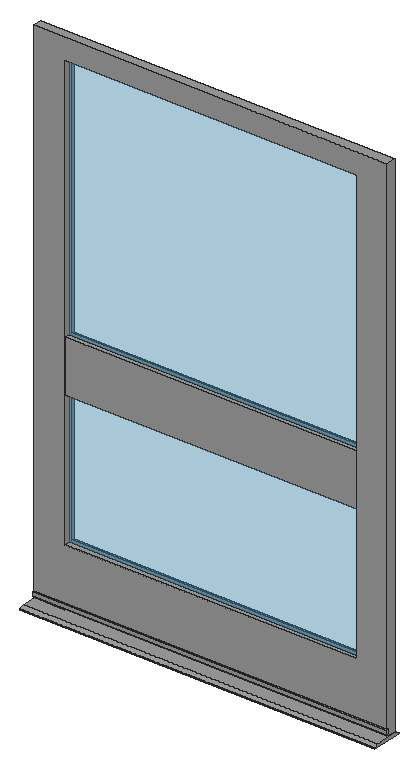
Revit family "AD P-E-DG-GHINGE-SNGL ENT-SF_Arc", category Curtain Panels, Revit 2019
Family settings
  OmniClass Number = 23.25.20.14.11.11.17
  OmniClass Title = Infill Panels
  Always vertical = Yes
  Cut with Voids When Loaded = No
  Shared = No
Parameters
  Width [instance] = 5' - 6"
  Wide Stile Entrance [instance] = not(Medium Stile Entrance)  # yes
  URL = "obe.com"
  Pushbar Height [instance] = 3' - 5 1/4"  # constant formula
  Offset [instance] = 0' - 0"
  Model = "AD P-E-DG"
  Medium Stile Entrance [instance] = no
  Manufacturer = "Oldcastle BuildingEnvelope®"
  Keynote = "08 11 00"
  Height [instance] = 8' - 0"
  Glass at Muntins [instance] = if([4 Mid Rail], 0' 4 29/64", if([6.5 Mid Rail], 0' 6 61/64", if([8 Mid Rail], 0' 8 29/64", if([10 Mid Rail], 0' 10 29/64", 0' 4 29/64"))))  # 0' - 8 29/64"
  Glass Material = Glass
  Frame Material = Aluminum
  Edge of door panel [instance] = if(Medium Stile Entrance, 0' 4 27/32", if(Wide Stile Entrance, 0' 6 3/32", 0' 4 27/32"))  # 0' - 6 3/32"
  Door Panel Height [instance] = Height + 0' 0 17/32"  # 8' - 0 17/32"
  Description = "ArmorDefend Plus Medium/Wide Stile Entrance  - 7/16\" Infill"
  Assembly Code = "B2030"
  Analytic Construction = "<None>"
  8 Mid Rail [instance] = yes
  4 Mid Rail [instance] = if(or([6.5 Mid Rail], 1 < 0, [8 Mid Rail], 1 < 0, [10 Mid Rail], 1 < 0), 0 > 1, 1 > 0)  # no
  6.5 Mid Rail [instance] = no
  10 Mid Rail [instance] = no
Reference planes (in)
  plane 1 "Front": y = 0
  plane 2: z = 0
  plane 3 "Center (Left/Right)": x = 0
  plane 4 "Left": x = -33
  plane 5 "Right": x = 33
  plane 6 "Top": z = 96
Text (in)
  text "Exterior" at (-54.29358, 31.38743, 0), in view "Ref. Level"
  text "Exterior" at (480, 41.53993, 89.60405), in view "Right"
  text "Exterior" at (-240, 57.82419, 105.78864), in view "Left"
Dimensions and locks (in)
  equal spacing: plane 4 "Left", plane 3 "Center (Left/Right)", plane 5 "Right"
  "Width": plane 4 "Left" to plane 5 "Right"
  "Height": plane 6 "Top" to plane 2
  aligned and locked: level to plane 2
  aligned and locked: plane 3 "Center (Left/Right)" to nested 1
  aligned and locked: plane 1 "Front" to nested 1
Nested families (in)
  nested 1: "AD P-E-DG-GHINGE-Single Door-Panel" at (0, -14, 0), Width <- "Width", Height <- "Door Panel Height", Medium Stile Entrance <- "Medium Stile Entrance", Glass Material <- "Glass Material", Frame Material <- "Frame Material", 6.5 Mid Rail <- "6.5 Mid Rail", 8 Mid Rail <- "8 Mid Rail", 10 Mid Rail <- "10 Mid Rail", Offset <- "Offset", type "AD P-E-DG-GHINGE-Single Door-Panel"
    with built-in parameter 1001301 5' - 6", Wide Stile Entrance yes, Pushbar Height 3' - 5 1/4", Offset 0' - 0", Medium Stile Entrance no, built-in parameter 1001300 8' - 0 17/32", Glass at Muntins 0' - 8 29/64", Glass Material Glass, Frame Material Aluminum, Edge of door panel 0' - 6 3/32", 8 Mid Rail yes, 6.5 Mid Rail no, 4 Mid Rail no, 10 Mid Rail no
Definition of nested family "AD P-E-DG-GHINGE-Single Door-Panel"
  Parameters (values of type "AD P-E-DG-GHINGE-Single Door-Panel")
    Width [instance] = 3' - 0"
    Wide Stile Entrance [instance] = not(Medium Stile Entrance)  # no
    URL = "obe.com"
    Offset [instance] = 0' - 1"
    Model = "AD E-DG"
    Medium Stile Entrance [instance] = yes
    Manufacturer = "Oldcastle BuildingEnvelope®"
    Keynote = "08 11 00"
    Height [instance] = 6' - 0"
    Glass at Muntins [instance] = if([4 Mid Rail], 0' 4 29/64", if([6.5 Mid Rail], 0' 6 61/64", if([8 Mid Rail], 0' 8 29/64", if([10 Mid Rail], 0' 10 29/64", 0' 4 29/64"))))  # 0' - 6 61/64"
    Glass Material [instance] = none
    Frame Material [instance] = none
    Edge of door panel [instance] = if(Medium Stile Entrance, 0' 4 27/32", if(Wide Stile Entrance, 0' 6 3/32", 0' 4 27/32"))  # 0' - 4 27/32"
    Description = "ArmorDefend Entrance - Dry Glazed - 7/16\" Door Infill"
    Pushbar Height [instance] = 3' - 5 1/4"  # constant formula
    Assembly Code = "B2030"
    Analytic Construction = "<None>"
    8 Mid Rail [instance] = no
    4 Mid Rail [instance] = if(or([6.5 Mid Rail], 1 < 0, [8 Mid Rail], 1 < 0, [10 Mid Rail], 1 < 0), 0 > 1, 1 > 0)  # no
    6.5 Mid Rail [instance] = yes
    10 Mid Rail [instance] = no
  Reference planes (in)
    plane 1 "00": y = 12.2655
    plane 2: z = 0
    plane 3 "Center (Left/Right)": x = 0
    plane 4: z = 72
    plane 5: x = 18
    plane 6: x = -18
    plane 7 "Center (Front/Back)": y = 14
    plane 8 "Exterior": y = 12.7655
    plane 9: z = 36
    plane 10: z = 68.125
    plane 11: z = 10.92187
    plane 12 "Offset": y = 13
    plane 13 "Pushbar Height": z = 41.25
    plane 14: z = 44.72656
    plane 15: z = 37.77344
    plane 16 "Edge of door panel Right": x = -13.15625
    plane 17 "Edge of door panel Left": x = 13.15625
  Forms (in)
    Sweep 1, solid, material <- "Frame Material"
      path origin (0, 12.2655, 0) x (1, 0, 0) y (0, 0, 1)
        loop
          line (-17.90532, 72) -> (17.90625, 72)
      profile origin (0.00046, 12.2655, 72) x (0, 0, 1) y (0, -1, 0)
        loop
          line (-0.625, -0.672) -> (-0.625, 1.078) -> (-2.62093, 1.078) -> (-4.46825, 1.078) -> (-4.46825, 0.21484) -> (-3.875, 0.21484) -> (-3.875, -0.21484) -> (-4.65625, -0.21484) -> (-4.65625, -0.672) -> (-2.62093, -0.672) -> (-0.625, -0.672)
    Sweep 2, solid, material <- "Frame Material"
      path origin (0, 12.2655, 0) x (1, 0, 0) y (0, 0, 1)
        loop
          line (17.90625, 0) -> (-17.90532, 0)
      profile origin (0.00046, 12.2655, 0) x (0, 0, -1) y (0, -1, 0)
        loop
          line (-11.68749, -0.21484) -> (-11.68749, -0.672) -> (-0.6875, -0.672) -> (-0.6875, 1.058) -> (-1.0005, 1.058) -> (-1.0005, 1.36) -> (-1.63814, 1.36) -> (-1.80095, 1.078) -> (-11.49949, 1.078) -> (-11.49949, 0.21484) -> (-10.92187, 0.21484) -> (-10.92187, -0.21484) -> (-11.68749, -0.21484)
    Sweep 3, solid, material <- "Frame Material"
      path origin (0, 12.2655, 0) x (1, 0, 0) y (0, 0, 1)
        loop
          line (18, 71.375) -> (18, 0.6875)
      profile origin (18, 12.2655, 36.03125) x (0, -1, 0) y (1, 0, 0)
        loop
          line (-0.672, -0.09375) -> (-0.672, -2.21468) -> (-0.672, -4.84375) -> (-0.21484, -4.84375) -> (-0.21484, -4.0625) -> (0.21484, -4.0625) -> (0.21484, -4.65574) -> (1.078, -4.65574) -> (1.078, -2.21468) -> (1.078, -0.20275) -> (-0.672, -0.09375)
    Sweep 4, solid, material <- "Frame Material"
      path origin (0, 12.2655, 0) x (1, 0, 0) y (0, 0, 1)
        loop
          line (-18, 71.375) -> (-18, 0.6875)
      profile origin (-18, 12.2655, 36.03125) x (0, -1, 0) y (1, 0, 0)
        loop
          line (-0.672, 0.09468) -> (1.078, 0.20368) -> (1.078, 2.31376) -> (1.078, 4.65675) -> (0.21484, 4.65675) -> (0.21484, 4.06323) -> (-0.21484, 4.06323) -> (-0.21484, 4.84375) -> (-0.672, 4.84375) -> (-0.672, 2.31376) -> (-0.672, 0.09468)
    Extrusion 5, solid, material <- "Glass Material", detail levels medium+fine
      sketch origin (0, 0, 0) x (1, 0, 0) y (0, 1, 0)
        loop
          line (13.9375, 12.35534) -> (13.9375, 12.48034) -> (-13.93677, 12.48034) -> (-13.93677, 12.35534) -> (13.9375, 12.35534)
        loop
          line (13.9375, 12.17566) -> (-13.93677, 12.17566) -> (-13.93677, 12.05066) -> (13.9375, 12.05066) -> (13.9375, 12.17566)
      from 44.72656 to 68.125
    Extrusion 6, void
      sketch origin (0, 0, 0) x (1, 0, 0) y (0, 1, 0)
        loop
          line (-18, 11.1875) -> (-17.79632, 11.1875) -> (-17.95283, 13.7002) -> (-18, 13.7002) -> (-18, 11.1875)
      from 0.6875 to 72
    Extrusion 7, void
      sketch origin (0, 0, 0) x (-1, 0, 0) y (0, -1, 0)
        loop
          line (-18, -11.1875) -> (-18, -13.7002) -> (-17.95376, -13.7002) -> (-17.79725, -11.1875) -> (-18, -11.1875)
      from 0.6875 to 72
    Extrusion 8, solid, material <- "Glass Material", detail levels coarse
      sketch origin (0, 0, 0) x (1, 0, 0) y (0, 1, 0)
        loop
          line (-13.93677, 12.48034) -> (-13.93677, 12.05066) -> (13.9375, 12.05066) -> (13.9375, 12.48034) -> (-13.93677, 12.48034)
      from 44.72656 to 68.125
    Extrusion 9, solid, material <- "Glass Material", detail levels coarse
      sketch origin (0, 0, -26) x (1, 0, 0) y (0, 1, 0)
        loop
          line (-13.93677, 12.05066) -> (13.9375, 12.05066) -> (13.9375, 12.48034) -> (-13.93677, 12.48034) -> (-13.93677, 12.05066)
      from 36.92188 to 63.77344
    Extrusion 10, solid, material <- "Glass Material", detail levels medium+fine
      sketch origin (0, 0, -25) x (1, 0, 0) y (0, 1, 0)
        loop
          line (13.9375, 12.05066) -> (13.9375, 12.17566) -> (-13.93677, 12.17566) -> (-13.93677, 12.05066) -> (13.9375, 12.05066)
        loop
          line (13.9375, 12.48034) -> (-13.93677, 12.48034) -> (-13.93677, 12.35534) -> (13.9375, 12.35534) -> (13.9375, 12.48034)
      from 35.92188 to 62.77344
    Sweep 11, solid, material <- "Frame Material"
      path origin (0, 13, 0) x (1, 0, 0) y (0, 0, 1)
        loop
          line (16, 41.25) -> (-16, 41.25)
      profile origin (0, 13, 41.25) x (0, 0, -1) y (0, -1, 0)
        loop
          line (-4.242, 0.0825) -> (4.258, 0.0825) -> (4.258, 0.51966) -> (3.47656, 0.51966) -> (3.47656, 0.94934) -> (4.07, 0.94934) -> (4.07, 1.7925) -> (-4.054, 1.7925) -> (-4.054, 0.94934) -> (-3.47656, 0.94934) -> (-3.47656, 0.51966) -> (-4.242, 0.51966) -> (-4.242, 0.0825)
    Sweep 12, solid, material <- "Frame Material"
      path origin (0, 12.2655, 0) x (1, 0, 0) y (0, 0, 1)
        loop
          line (17.90625, 0) -> (-17.90532, 0)
      profile origin (0.00046, 12.2655, 0) x (0, 0, -1) y (0, -1, 0)
        loop
          line (-0.5, 3.453) -> (-0.5, -0.672) -> (-0.125, -1.422) -> (-0.00001, -1.422) -> (-0.00001, 4.203) -> (-0.125, 4.203) -> (-0.5, 3.453)
  Cuts and joins
    Extrusion 6, Extrusion 7 cuts Sweep 1
    Extrusion 6, Extrusion 7 cuts Sweep 2
    joined: Sweep 1, Sweep 2, Sweep 3, Sweep 4, Sweep 11
  Lines and regions (in)
    model lines
      curve 1: line (17.79725, 12.7655, 71.375) -> (-13.6875, 12.7655, 36)
      curve 2: line (-13.6875, 12.7655, 36) -> (17.79725, 12.7655, 0.5)
  Dimensions and locks (in)
    "Width": plane 6 to plane 5
    "Offset": plane 12 "Offset" to plane 7 "Center (Front/Back)"
    plane 1 "00" to plane 8 "Exterior" to plane 12 "Offset" = 0' - 0 1/2" locked, 0' - 0.2345" locked
    equal spacing: level, plane 9, plane 4
    locked: Sweep 2 sketch curve to plane 6 at 0.09468
    locked: plane 5 to Sweep 2 sketch curve at 0.09375
    locked: Sweep 3 sketch curve to plane 4 at 0.625
    locked: Sweep 4 sketch curve to plane 4 at 0.625
    locked: Sweep 1 sketch curve to plane 6 at 0.09468
    locked: plane 5 to Sweep 1 sketch curve at 0.09375
    locked: plane 10 to plane 4 at 3.875
    locked: plane 11 to plane 2 at 10.92187
    "Height": plane 4 to plane 2
    locked: Sweep 1 sketch curve to plane 10 at 0.59325
    locked: Sweep 1 sketch curve to plane 10 at 0.78125
    locked: plane 11 to Sweep 2 sketch curve at 0.57761
    locked: plane 11 to Sweep 2 sketch curve at 0.76561
    equal spacing: plane 6, plane 3 "Center (Left/Right)", plane 5
    Extrusion 5 sketch curve to Extrusion 5 sketch curve to plane 1 "00" to Extrusion 5 sketch curve to Extrusion 5 sketch curve = 0' - 0 1/8" locked, 0' - 0 23/256" locked, 0' - 0 23/256" locked, 0' - 0 1/8" locked
    Sweep 4 sketch curve to Sweep 4 sketch curve to Sweep 4 sketch curve = 0' - 0.59352" locked, 0' - 0.187" locked
    plane 6 to Extrusion 6 sketch curve to Extrusion 6 sketch curve = 0' - 0.04717" locked, 0' - 0.15651" locked
    Extrusion 7 sketch curve to Extrusion 7 sketch curve to plane 5 = 0' - 0.15651" locked, 0' - 0.04624" locked
    locked: plane 4 to Sweep 1 sketch curve at 0.625
    Extrusion 8 sketch curve to plane 1 "00" to Extrusion 8 sketch curve = 0' - 0 55/256" locked, 0' - 0 55/256" locked
    "Pushbar Height": level to plane 13 "Pushbar Height"
    equal spacing: plane 15, plane 13 "Pushbar Height", plane 14
    "Glass at Muntins": plane 15 to plane 14
    Extrusion 9 sketch curve to plane 1 "00" to Extrusion 9 sketch curve = 0' - 0 55/256" locked, 0' - 0 55/256" locked
    Extrusion 10 sketch curve to Extrusion 10 sketch curve to plane 1 "00" to Extrusion 10 sketch curve to Extrusion 10 sketch curve = 0' - 0 1/8" locked, 0' - 0 23/256" locked, 0' - 0 23/256" locked, 0' - 0 1/8" locked
    locked: plane 15 to Sweep 11 sketch curve at 0.78144
    locked: plane 15 to Sweep 11 sketch curve at 0.59344
    locked: plane 14 to Sweep 11 sketch curve at 0.57744
    locked: plane 14 to Sweep 11 sketch curve at 0.76544
    "Edge of door panel": plane 6 to plane 16 "Edge of door panel Right"
    "Edge of door panel": plane 17 "Edge of door panel Left" to plane 5
    plane 17 "Edge of door panel Left" to Sweep 3 sketch curve to Sweep 3 sketch curve = 0' - 0.18801" locked, 0' - 0.59323" locked
    locked: Extrusion 8 sketch curve to plane 16 "Edge of door panel Right" at 0.78052
    locked: plane 17 "Edge of door panel Left" to Extrusion 8 sketch curve at 0.78125
    Extrusion 5 sketch curve to Extrusion 5 sketch curve to plane 16 "Edge of door panel Right" = 0' - 0" locked, 0' - 0.78052" locked
    plane 17 "Edge of door panel Left" to Extrusion 5 sketch curve to Extrusion 5 sketch curve = 0' - 0 25/32" locked, 0' - 0" locked
    locked: plane 5 to Sweep 11 sketch curve at 2
    locked: Sweep 11 sketch curve to plane 6 at 2
    locked: level to Sweep 3 sketch curve at 0.6875
    locked: level to Sweep 4 sketch curve at 0.6875
    locked: plane 5 to Sweep 12 sketch curve at 0.09375
    locked: Sweep 12 sketch curve to plane 6 at 0.09468
    aligned and locked: plane 2 to level
    aligned and locked: Sweep 1 sketch curve to plane 4
    aligned and locked: plane 5 to Sweep 3 sketch curve
    aligned and locked: plane 6 to Sweep 4 sketch curve
    aligned and locked: plane 9 to curve 1
    aligned and locked: Extrusion 5 to plane 10
    aligned and locked: plane 6 to Extrusion 6 sketch curve
    aligned and locked: plane 4 to Extrusion 6
    aligned and locked: plane 5 to Extrusion 7 sketch curve
    aligned and locked: plane 4 to Extrusion 7
    aligned and locked: plane 14 to Extrusion 5
    aligned and locked: plane 11 to Extrusion 9
    aligned and locked: plane 11 to Extrusion 10
    aligned and locked: plane 15 to Extrusion 10
    aligned and locked: plane 15 to Extrusion 9
    aligned and locked: plane 13 "Pushbar Height" to Sweep 11 sketch curve
    aligned and locked: plane 14 to Sweep 11 sketch curve
    aligned and locked: plane 15 to Sweep 11 sketch curve
    aligned and locked: Sweep 4 sketch curve to plane 16 "Edge of door panel Right"
    aligned and locked: plane 17 "Edge of door panel Left" to Sweep 3 sketch curve
    aligned and locked: Extrusion 10 sketch curve to Extrusion 8  (x2)
    aligned and locked: Extrusion 9 sketch curve to Extrusion 8  (x2)
    aligned and locked: Extrusion 8 to plane 10
    aligned and locked: plane 14 to Extrusion 8
    aligned and locked: Sweep 2 sketch curve to level
    aligned and locked: Sweep 2 to Extrusion 6
  Automatic sketch dimensions
    Sweep 1 sketch curve to plane 1 "00" = 0' - 0 55/256"
    Sweep 1 sketch curve to Sweep 1 sketch curve = 0' - 0.59325"
    Sweep 1 sketch curve to Sweep 1 sketch curve = 0' - 1.25407"  (x2)
    Sweep 1 sketch curve to plane 1 "00" = 0' - 0.672"
    plane 1 "00" to Sweep 1 sketch curve = 0' - 0 55/256"
    Sweep 1 sketch curve to Sweep 1 sketch curve = 0' - 0.86316"
    plane 6 to curve 2 = 0' - 4 5/16"
    curve 1 to plane 5 = 0' - 0.20275"
    level to curve 2 = 0' - 0 1/2"
    plane 1 "00" to Extrusion 6 sketch curve = 0' - 1.078"
    Extrusion 6 sketch curve to plane 12 "Offset" = 0' - 0.7002"
    Extrusion 7 sketch curve to plane 1 "00" = 0' - 1.078"
    plane 12 "Offset" to Extrusion 7 sketch curve = 0' - 0.7002"
    plane 12 "Offset" to Sweep 11 sketch curve = 0' - 0.0825"
    Sweep 11 sketch curve to Sweep 11 sketch curve = 0' - 0.43716"  (x2)
    Sweep 11 sketch curve to Sweep 11 sketch curve = 0' - 0 55/128"  (x2)
    Sweep 11 sketch curve to Sweep 11 sketch curve = 0' - 0.84316"
    profile plane to Sweep 3 sketch curve = 0' - 0 3/32"
    Sweep 3 sketch curve to plane 1 "00" = 0' - 0.672"
    Sweep 3 sketch curve to plane 1 "00" = 0' - 0 55/256"
    plane 1 "00" to Sweep 3 sketch curve = 0' - 0 55/256"
    profile plane to Sweep 3 sketch curve = 0' - 0.20275"
    plane 1 "00" to Sweep 3 sketch curve = 0' - 1.078"
    Sweep 3 sketch curve to Sweep 3 sketch curve = 0' - 1.84782"
    Sweep 3 sketch curve to Sweep 3 sketch curve = 0' - 0"
    Sweep 4 sketch curve to plane 1 "00" = 0' - 0.672"
    Sweep 4 sketch curve to plane 1 "00" = 0' - 0 55/256"
    plane 1 "00" to Sweep 4 sketch curve = 0' - 0 55/256"
    plane 1 "00" to Sweep 4 sketch curve = 0' - 1.078"
    Sweep 4 sketch curve to Sweep 4 sketch curve = 0' - 1.74947"
    Sweep 4 sketch curve to Sweep 4 sketch curve = 0' - 0"
    Sweep 4 sketch curve to profile plane = 0' - 0.20368"
    Sweep 4 sketch curve to profile plane = 0' - 0.09468"
    Extrusion 10 sketch curve to plane 16 "Edge of door panel Right" = 0' - 0.78052"
    Extrusion 10 sketch curve to Extrusion 10 sketch curve = 0' - 0"
    plane 1 "00" to Sweep 2 sketch curve = 0' - 0 55/256"
    Sweep 2 sketch curve to Sweep 2 sketch curve = 0' - 0.57761"
    Sweep 2 sketch curve to plane 1 "00" = 0' - 0 55/256"
    Sweep 2 sketch curve to plane 1 "00" = 0' - 0.672"
    Sweep 2 sketch curve to Sweep 2 sketch curve = 0' - 0.86316"
    Sweep 2 sketch curve to Sweep 2 sketch curve = 0' - 0.16281"
    Sweep 2 sketch curve to Sweep 2 sketch curve = 0' - 0.282"
    Sweep 2 sketch curve to Sweep 2 sketch curve = 0' - 0.313"
    Sweep 2 sketch curve to Sweep 2 sketch curve = 0' - 0.80045"
    Sweep 2 sketch curve to Sweep 2 sketch curve = 0' - 0.02"
    profile plane to Sweep 2 sketch curve = 0' - 1.80095"
    curve 2 to plane 5 = 0' - 0.20275"
    curve 1 to plane 4 = 0' - 0 5/8"
    Sweep 12 sketch curve to level = 0' - 0"
    profile plane to Sweep 12 sketch curve = 0' - 0 1/8"  (x2)
    profile plane to Sweep 12 sketch curve = 0' - 0"
    Sweep 12 sketch curve to Sweep 12 sketch curve = 0' - 0 3/4"  (x2)
    profile plane to Sweep 12 sketch curve = 0' - 0 1/2"
    Sweep 12 sketch curve to plane 1 "00" = 0' - 1.422"
    plane 1 "00" to Sweep 12 sketch curve = 0' - 3.453"
